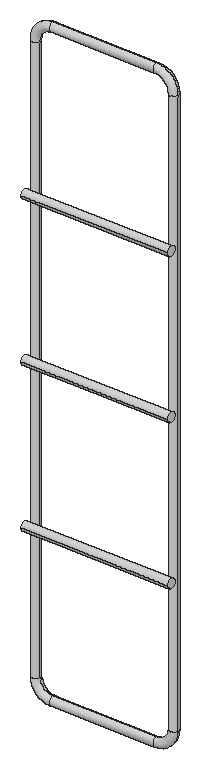
Revit family "EGLL2G", category 照明器具, Revit 2020
Family settings
  丸型コネクタ寸法 = 直径を使用
  パーツ タイプ = 標準
  作業面ベース = はい
  常に垂直 = いいえ
  ロード時にボイドで切り取り = いいえ
  光源 = いいえ
  共有 = いいえ
  部屋計算ポイント = いいえ
Parameters
  製造元 = "伊東電機株式会社(ITO DENKI CO.,LTD.)"
  既定の高さ = 1219.2 mm
  本体材質 = 鋼、鍍鋅
  カタログ番号 = "HS000449"
Reference planes
  plane 1 "中心(正面/背面)": y = 0
  plane 2: z = 0
  plane 3 "中心(左/右)": x = 0
  plane 4: z = 357
  plane 5: x = -42.75
  plane 6: x = 42.75
  plane 7: y = -5
  plane 8: y = -10
  plane 9: z = 265.25
  plane 10: z = 178.5
  plane 11: z = 91.75
  plane 12: z = 352
  plane 13: z = 5
  plane 14: y = -7.5
  plane 15: y = -2.5
  plane 16: z = 354.5
  plane 17: x = 40.25
  plane 18: x = -40.25
  plane 19: z = 2.5
Forms (mm)
  Sweep 1, solid, material "鋼、鍍鋅" <- "本体材質"
    path origin (0, 0, 0) x (1, 0, 0) y (0, 0, 1)
      loop
        line (30.25, 354.5) -> (-30.25, 354.5)
        arc (-30.25, 354.5) -> (-37.321, 351.571) -> (-40.25, 344.5) r 10
        line (-40.25, 344.5) -> (-40.25, 12.5)
        arc (-40.25, 12.5) -> (-37.321, 5.429) -> (-30.25, 2.5) r 10
        line (-30.25, 2.5) -> (30.25, 2.5)
        arc (30.25, 2.5) -> (37.321, 5.429) -> (40.25, 12.5) r 10
        line (40.25, 12.5) -> (40.25, 344.5)
        arc (40.25, 344.5) -> (37.321, 351.571) -> (30.25, 354.5) r 10
    profile origin (0, 0, 354.5) x (0, 0, -1) y (0, -1, 0)
      loop
        circle (0, 2.5) r 2.5
  Extrusion 2, solid, material "鋼、鍍鋅" <- "本体材質"
    sketch origin (0, 0, 0) x (0, 1, 0) y (0, 0, 1)
      loop
        circle (-7.5, 265.25) r 2.5
      loop
        circle (-7.5, 178.5) r 2.5
      loop
        circle (-7.5, 91.75) r 2.5
    from -42.75 to 42.75
Dimensions and locks
  equal spacing: plane 8, plane 7, plane 1 "中心(正面/背面)"
  plane 8 to plane 1 "中心(正面/背面)" = 10 mm
  plane 4 to level = 357 mm
  locked: plane 4 to plane 12 at 5
  locked: plane 13 to level at 5
  equal spacing: plane 12, plane 9, plane 10, plane 11, plane 13
  equal spacing: plane 8, plane 14, plane 7, plane 15, plane 1 "中心(正面/背面)"
  equal spacing: plane 4, plane 16, plane 12
  equal spacing: plane 13, plane 19, level
  locked: plane 18 to plane 5 at 2.5
  locked: plane 6 to plane 17 at 2.5
  plane 6 to plane 5 = 85.5 mm
  aligned and locked: level to plane 2
  aligned and locked: plane 17 to Sweep 1 sketch curve
  aligned and locked: plane 16 to Sweep 1 sketch curve
  aligned and locked: Sweep 1 sketch curve to plane 18
  aligned and locked: Sweep 1 sketch curve to plane 19
  aligned and locked: Extrusion 2 to plane 5
  aligned and locked: plane 6 to Extrusion 2
Automatic sketch dimensions
  Sweep 1 sketch curve to profile plane = 0 mm
  plane 1 "中心(正面/背面)" to Sweep 1 sketch curve = 2.5 mm
  plane 18 to Sweep 1 sketch curve = 10 mm
  Sweep 1 sketch curve to plane 3 "中心(左/右)" = 30.25 mm
  Sweep 1 sketch curve to plane 17 = 10 mm  (x2)
  Extrusion 2 sketch curve to plane 10 = 0 mm
  Extrusion 2 sketch curve to plane 14 = 0 mm  (x3)
  Extrusion 2 sketch curve to plane 11 = 0 mm
  Extrusion 2 sketch curve to plane 9 = 0 mm
  radius of Sweep 1 sketch curve = 2.5 mm
  radius of Extrusion 2 sketch curve = 2.5 mm  (x3)
